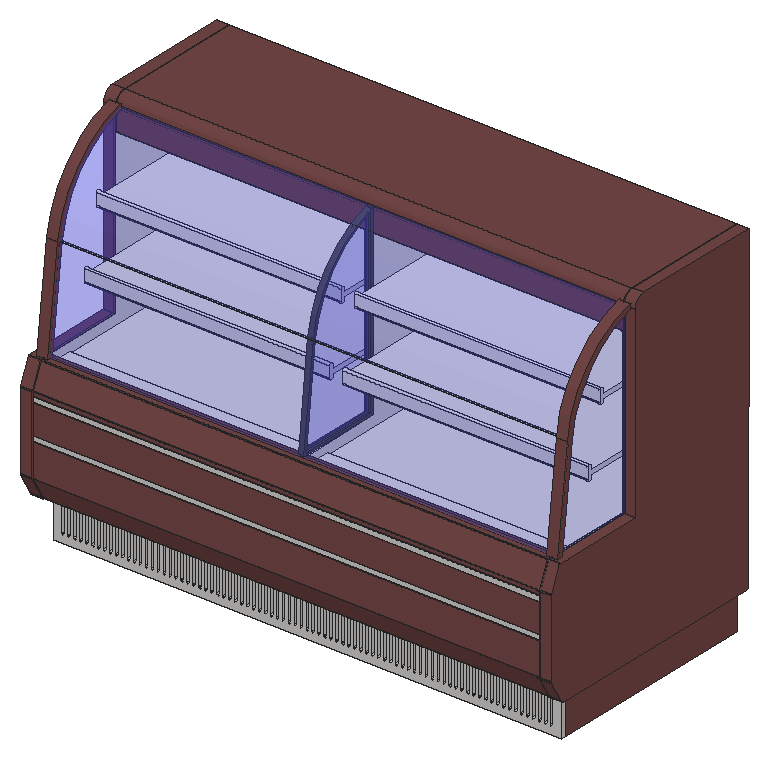
Revit family "QF_Turbo Air_TCGB-72-CO", category Specialty Equipment, Revit 2014
Parameters
  Weight in Pounds = 744
  Watermarked By = ""
  Volts = 115 V
  Vent Material = QF_Stainless-Polished
  URL Cutsheet = ""
  URL = "www.turboairinc.com"
  Status [instance] = ""
  Specification by User [instance] = ""
  Specification by Manufacturer [instance] = ""
  Serial Number [instance] = ""
  Revision Code [instance] = ""
  Phase = 1
  Number of Poles [instance] = 1
  NAFEM Spec ID Number [instance] = ""
  Model = "TCGB-72-CO"
  Masterspec [instance] = ""
  Manufacturer = "Turbo Air"  # constant formula
  Item Number [instance] = "-"
  Installed By [instance] = ""
  HP = "1/3"
  Furnished By [instance] = ""
  Foodservice Equipment Identifier = yes
  FL Amps = 6.5 A
  Exterior Material = QF_Plastic-Red Wine
  Electrical Remarks [instance] = ""
  Electric Connection Type [instance] = ""
  Elec Conn RI Height [instance] = 0' - 0"
  Elec Conn Connection Height = 0' - 6"
  Description = "Bakery Case"
  Cycle = 60 Hz
  Conn Plug = "NEMA 5-15P"
  CSI MasterFormat = "11 41 13"
  Assembly Code = "E1090320"
  Apparent Power = if(Phase = 3, Volts * FL Amps * 1.73, Volts * FL Amps)  # 747.5 VA
Reference planes (in)
  plane 1 "Handle Back": y = 0
  plane 2: z = 0
  plane 3 "LEFT": x = -16.56573
  plane 4 "RIGHT": x = 55.93427
  plane 5 "FRONT": y = -34.25
  plane 6 "Bottom": z = 0.3125
  plane 7 "Inside Left": x = -14.94073
  plane 8 "Inside Right": x = 54.30927
  plane 9 "BACK": y = -0.75
  plane 10 "Panel Lower": z = 23.25
  plane 11 "Inside Bottom": z = 21.125
  plane 12 "Panel Bottom": z = 6.0625
  plane 13 "TOP": z = 50.125
  plane 14 "Bottom Front": y = -30
  plane 15 "Door Left": x = -13.62823
  plane 16 "Door Right": x = 52.99677
  plane 17 "Lower Shelf": z = 30.6875
  plane 18 "Upper Shelf": z = 39.1875
  plane 19 "Door Top": z = 46.5625
  plane 20 "Door Bottom": z = 22.3125
  plane 21 "CENTER LR": x = 19.68427
  plane 22: x = 19.05927
  plane 23: x = 20.30927
Forms (in)
  Extrusion 1, solid, material "QF_Plastic-Red Wine" <- "Exterior Material"
    sketch origin (-16.56573, 0, 0) x (0, 1, 0) y (0, 0, 1)
      loop
        arc (-1.125, 6.0625) -> (-0.85983, 6.17233) -> (-0.75, 6.4375) r 0.375
        line (-0.75, 6.4375) -> (-0.75, 50.125) -> (-18.5, 50.125)
        arc (-18.5, 50.125) -> (-19.56066, 49.68566) -> (-20, 48.625) r 1.5
        line (-20, 48.625) -> (-20, 23.25) -> (-32.77179, 23.25)
        arc (-32.77179, 23.25) -> (-32.8059, 23.23987) -> (-32.82896, 23.21277) r 0.0625
        line (-32.82896, 23.21277) -> (-34.21799, 20.07001)
        arc (-34.21799, 20.07001) -> (-34.24191, 19.99589) -> (-34.25, 19.91842) r 0.375
        line (-34.25, 19.91842) -> (-34.25, 9.41058)
        arc (-34.25, 9.41058) -> (-34.23722, 9.31352) -> (-34.19976, 9.22308) r 0.375
        line (-34.19976, 9.22308) -> (-32.48325, 6.25)
        arc (-32.48325, 6.25) -> (-32.34599, 6.11274) -> (-32.15849, 6.0625) r 0.375
        line (-32.15849, 6.0625) -> (-1.125, 6.0625)
    from 0 to 1.625
  Extrusion 2, solid, material "QF_Plastic-Red Wine" <- "Exterior Material"
    sketch origin (55.93427, 0, 0) x (0, 1, 0) y (0, 0, 1)
      loop
        arc (-1.125, 6.0625) -> (-0.85983, 6.17233) -> (-0.75, 6.4375) r 0.375
        line (-0.75, 6.4375) -> (-0.75, 50.125) -> (-18.5, 50.125)
        arc (-18.5, 50.125) -> (-19.56066, 49.68566) -> (-20, 48.625) r 1.5
        line (-20, 48.625) -> (-20, 23.25) -> (-32.77179, 23.25)
        arc (-32.77179, 23.25) -> (-32.8059, 23.23987) -> (-32.82896, 23.21277) r 0.0625
        line (-32.82896, 23.21277) -> (-34.21799, 20.07001)
        arc (-34.21799, 20.07001) -> (-34.24191, 19.99589) -> (-34.25, 19.91842) r 0.375
        line (-34.25, 19.91842) -> (-34.25, 9.41058)
        arc (-34.25, 9.41058) -> (-34.23722, 9.31352) -> (-34.19976, 9.22308) r 0.375
        line (-34.19976, 9.22308) -> (-32.48325, 6.25)
        arc (-32.48325, 6.25) -> (-32.34599, 6.11274) -> (-32.15849, 6.0625) r 0.375
        line (-32.15849, 6.0625) -> (-1.125, 6.0625)
    from 0 to -1.625
  Extrusion 3, solid, material "QF_Plastic-Red Wine" <- "Exterior Material"
    sketch origin (-14.94073, 0, 0) x (0, 1, 0) y (0, 0, 1)
      loop
        line (-31.625, 23.25) -> (-29.95691, 36.83548)
        arc (-29.95691, 36.83548) -> (-26.72363, 44.11107) -> (-20, 48.375) r 13.75
        line (-20, 48.375) -> (-20, 48.625)
        arc (-20, 48.625) -> (-19.97988, 48.86988) -> (-19.92004, 49.10819) r 1.5
        arc (-19.92004, 49.10819) -> (-27.15455, 44.66306) -> (-30.63919, 36.92003) r 14.4375
        line (-30.63919, 36.92003) -> (-32.31766, 23.25) -> (-31.625, 23.25)
    from -0.875 to 0.625
  Extrusion 4, solid, material "QF_Plastic-Red Wine" <- "Exterior Material"
    sketch origin (54.30927, 0, 0) x (0, 1, 0) y (0, 0, 1)
      loop
        line (-31.625, 23.25) -> (-29.95691, 36.83548)
        arc (-29.95691, 36.83548) -> (-26.72363, 44.11107) -> (-20, 48.375) r 13.75
        line (-20, 48.375) -> (-20, 48.625)
        arc (-20, 48.625) -> (-19.97988, 48.86988) -> (-19.92004, 49.10819) r 1.5
        arc (-19.92004, 49.10819) -> (-27.15455, 44.66306) -> (-30.63919, 36.92003) r 14.4375
        line (-30.63919, 36.92003) -> (-32.31766, 23.25) -> (-31.625, 23.25)
    from 0.875 to -0.625
  Extrusion 5, solid, material "QF_Glass-Cast-Clear"
    sketch origin (-14.94073, 0, 0) x (0, 1, 0) y (0, 0, 1)
      loop
        arc (-20, 48.375) -> (-26.72363, 44.11107) -> (-29.95691, 36.83548) r 13.75
        line (-29.95691, 36.83548) -> (-31.625, 23.25) -> (-20, 23.25) -> (-20, 48.375)
    from 0 to -0.25
  Extrusion 6, solid, material "QF_Glass-Cast-Clear"
    sketch origin (54.30927, 0, 0) x (0, 1, 0) y (0, 0, 1)
      loop
        arc (-20, 48.375) -> (-26.72363, 44.11107) -> (-29.95691, 36.83548) r 13.75
        line (-29.95691, 36.83548) -> (-31.625, 23.25) -> (-20, 23.25) -> (-20, 48.375)
    from 0 to 0.25
  Extrusion 7, solid, material "QF_Plastic-Red Wine" <- "Exterior Material"
    sketch origin (-14.94073, 0, 0) x (0, 1, 0) y (0, 0, 1)
      loop
        line (-0.75, 50.125) -> (-18.5, 50.125)
        arc (-18.5, 50.125) -> (-19.56066, 49.68566) -> (-20, 48.625) r 1.5
        line (-20, 48.625) -> (-20, 45.5)
        arc (-20, 45.5) -> (-19.9375, 45.4375) -> (-19.875, 45.5) r 0.0625
        line (-19.875, 45.5) -> (-19.875, 48.625)
        arc (-19.875, 48.625) -> (-19.81819, 49.01616) -> (-19.65244, 49.375) r 1.375
        line (-19.65244, 49.375) -> (-3.125, 49.375) -> (-3.125, 46.5625) -> (-0.75, 46.5625) -> (-0.75, 50.125)
      loop
        line (-0.75, 14.3125) -> (-0.75, 22.3125) -> (-3.125, 22.3125) -> (-3.125, 14.3125) -> (-0.75, 14.3125)
    from 0 to 69.25
  Extrusion 8, solid, material "QF_Plastic-Red Wine" <- "Exterior Material"
    sketch origin (0, 0, 0.3125) x (0, 1, 0) y (-1, 0, 0)
      loop
        line (-0.75, 14.94073) -> (-30, 14.94073) -> (-30, -54.30927) -> (-0.75, -54.30927) -> (-0.75, 14.94073)
      loop
        line (-29.75, 14.69073) -> (-29.75, -54.05927) -> (-1, -54.05927) -> (-1, 14.69073) -> (-29.75, 14.69073)
    from 0 to 14
  Extrusion 9, solid, material "QF_Plastic-Red Wine" <- "Exterior Material"
    sketch origin (0, 0, 0.3125) x (0, 1, 0) y (-1, 0, 0)
      loop
        line (-29.75, -54.05927) -> (-1, -54.05927) -> (-1, 14.69073) -> (-29.75, 14.69073) -> (-29.75, -54.05927)
    from 0 to 0.25
  Extrusion 10, solid, material "QF_Stainless-Polished" <- "Vent Material"
    sketch origin (0, -30, 0) x (1, 0, 0) y (0, 0, 1)
      loop
        line (-14.94073, 6.1875) -> (-14.94073, 0.3125) -> (54.30927, 0.3125) -> (54.30927, 6.1875) -> (-14.94073, 6.1875)
    from 0 to 0.5625
  Extrusion 11, void
    sketch origin (0, -30, 0) x (1, 0, 0) y (0, 0, 1)
      loop
        arc (19.49677, 1.5625) -> (19.68427, 1.375) -> (19.87177, 1.5625) r 0.1875
        line (19.87177, 1.5625) -> (19.87177, 5.125)
        arc (19.87177, 5.125) -> (19.68427, 5.3125) -> (19.49677, 5.125) r 0.1875
        line (19.49677, 5.125) -> (19.49677, 1.5625)
      loop
        line (34.49677, 1.5625) -> (34.49677, 5.125)
        arc (34.49677, 5.125) -> (34.30927, 5.3125) -> (34.12177, 5.125) r 0.1875
        line (34.12177, 5.125) -> (34.12177, 1.5625)
        arc (34.12177, 1.5625) -> (34.30927, 1.375) -> (34.49677, 1.5625) r 0.1875
      loop
        line (33.68427, 1.5625) -> (33.68427, 5.125)
        arc (33.68427, 5.125) -> (33.49677, 5.3125) -> (33.30927, 5.125) r 0.1875
        line (33.30927, 5.125) -> (33.30927, 1.5625)
        arc (33.30927, 1.5625) -> (33.49677, 1.375) -> (33.68427, 1.5625) r 0.1875
      loop
        line (32.87177, 1.5625) -> (32.87177, 5.125)
        arc (32.87177, 5.125) -> (32.68427, 5.3125) -> (32.49677, 5.125) r 0.1875
        line (32.49677, 5.125) -> (32.49677, 1.5625)
        arc (32.49677, 1.5625) -> (32.68427, 1.375) -> (32.87177, 1.5625) r 0.1875
      loop
        line (32.05927, 1.5625) -> (32.05927, 5.125)
        arc (32.05927, 5.125) -> (31.87177, 5.3125) -> (31.68427, 5.125) r 0.1875
        line (31.68427, 5.125) -> (31.68427, 1.5625)
        arc (31.68427, 1.5625) -> (31.87177, 1.375) -> (32.05927, 1.5625) r 0.1875
      loop
        line (31.24677, 1.5625) -> (31.24677, 5.125)
        arc (31.24677, 5.125) -> (31.05927, 5.3125) -> (30.87177, 5.125) r 0.1875
        line (30.87177, 5.125) -> (30.87177, 1.5625)
        arc (30.87177, 1.5625) -> (31.05927, 1.375) -> (31.24677, 1.5625) r 0.1875
      loop
        line (30.43427, 1.5625) -> (30.43427, 5.125)
        arc (30.43427, 5.125) -> (30.24677, 5.3125) -> (30.05927, 5.125) r 0.1875
        line (30.05927, 5.125) -> (30.05927, 1.5625)
        arc (30.05927, 1.5625) -> (30.24677, 1.375) -> (30.43427, 1.5625) r 0.1875
      loop
        line (29.62177, 1.5625) -> (29.62177, 5.125)
        arc (29.62177, 5.125) -> (29.43427, 5.3125) -> (29.24677, 5.125) r 0.1875
        line (29.24677, 5.125) -> (29.24677, 1.5625)
        arc (29.24677, 1.5625) -> (29.43427, 1.375) -> (29.62177, 1.5625) r 0.1875
      loop
        line (28.80927, 1.5625) -> (28.80927, 5.125)
        arc (28.80927, 5.125) -> (28.62177, 5.3125) -> (28.43427, 5.125) r 0.1875
        line (28.43427, 5.125) -> (28.43427, 1.5625)
        arc (28.43427, 1.5625) -> (28.62177, 1.375) -> (28.80927, 1.5625) r 0.1875
      loop
        line (27.99677, 1.5625) -> (27.99677, 5.125)
        arc (27.99677, 5.125) -> (27.80927, 5.3125) -> (27.62177, 5.125) r 0.1875
        line (27.62177, 5.125) -> (27.62177, 1.5625)
        arc (27.62177, 1.5625) -> (27.80927, 1.375) -> (27.99677, 1.5625) r 0.1875
      loop
        line (27.18427, 1.5625) -> (27.18427, 5.125)
        arc (27.18427, 5.125) -> (26.99677, 5.3125) -> (26.80927, 5.125) r 0.1875
        line (26.80927, 5.125) -> (26.80927, 1.5625)
        arc (26.80927, 1.5625) -> (26.99677, 1.375) -> (27.18427, 1.5625) r 0.1875
      loop
        line (26.37177, 1.5625) -> (26.37177, 5.125)
        arc (26.37177, 5.125) -> (26.18427, 5.3125) -> (25.99677, 5.125) r 0.1875
        line (25.99677, 5.125) -> (25.99677, 1.5625)
        arc (25.99677, 1.5625) -> (26.18427, 1.375) -> (26.37177, 1.5625) r 0.1875
      loop
        line (25.55927, 1.5625) -> (25.55927, 5.125)
        arc (25.55927, 5.125) -> (25.37177, 5.3125) -> (25.18427, 5.125) r 0.1875
        line (25.18427, 5.125) -> (25.18427, 1.5625)
        arc (25.18427, 1.5625) -> (25.37177, 1.375) -> (25.55927, 1.5625) r 0.1875
      loop
        line (24.74677, 1.5625) -> (24.74677, 5.125)
        arc (24.74677, 5.125) -> (24.55927, 5.3125) -> (24.37177, 5.125) r 0.1875
        line (24.37177, 5.125) -> (24.37177, 1.5625)
        arc (24.37177, 1.5625) -> (24.55927, 1.375) -> (24.74677, 1.5625) r 0.1875
      loop
        line (23.93427, 1.5625) -> (23.93427, 5.125)
        arc (23.93427, 5.125) -> (23.74677, 5.3125) -> (23.55927, 5.125) r 0.1875
        line (23.55927, 5.125) -> (23.55927, 1.5625)
        arc (23.55927, 1.5625) -> (23.74677, 1.375) -> (23.93427, 1.5625) r 0.1875
      loop
        line (23.12177, 1.5625) -> (23.12177, 5.125)
        arc (23.12177, 5.125) -> (22.93427, 5.3125) -> (22.74677, 5.125) r 0.1875
        line (22.74677, 5.125) -> (22.74677, 1.5625)
        arc (22.74677, 1.5625) -> (22.93427, 1.375) -> (23.12177, 1.5625) r 0.1875
      loop
        line (22.30927, 1.5625) -> (22.30927, 5.125)
        arc (22.30927, 5.125) -> (22.12177, 5.3125) -> (21.93427, 5.125) r 0.1875
        line (21.93427, 5.125) -> (21.93427, 1.5625)
        arc (21.93427, 1.5625) -> (22.12177, 1.375) -> (22.30927, 1.5625) r 0.1875
      loop
        line (21.49677, 1.5625) -> (21.49677, 5.125)
        arc (21.49677, 5.125) -> (21.30927, 5.3125) -> (21.12177, 5.125) r 0.1875
        line (21.12177, 5.125) -> (21.12177, 1.5625)
        arc (21.12177, 1.5625) -> (21.30927, 1.375) -> (21.49677, 1.5625) r 0.1875
      loop
        line (20.68427, 1.5625) -> (20.68427, 5.125)
        arc (20.68427, 5.125) -> (20.49677, 5.3125) -> (20.30927, 5.125) r 0.1875
        line (20.30927, 5.125) -> (20.30927, 1.5625)
        arc (20.30927, 1.5625) -> (20.49677, 1.375) -> (20.68427, 1.5625) r 0.1875
      loop
        line (40.18427, 1.5625) -> (40.18427, 5.125)
        arc (40.18427, 5.125) -> (39.99677, 5.3125) -> (39.80927, 5.125) r 0.1875
        line (39.80927, 5.125) -> (39.80927, 1.5625)
        arc (39.80927, 1.5625) -> (39.99677, 1.375) -> (40.18427, 1.5625) r 0.1875
      loop
        line (39.37177, 1.5625) -> (39.37177, 5.125)
        arc (39.37177, 5.125) -> (39.18427, 5.3125) -> (38.99677, 5.125) r 0.1875
        line (38.99677, 5.125) -> (38.99677, 1.5625)
        arc (38.99677, 1.5625) -> (39.18427, 1.375) -> (39.37177, 1.5625) r 0.1875
      loop
        line (38.55927, 1.5625) -> (38.55927, 5.125)
        arc (38.55927, 5.125) -> (38.37177, 5.3125) -> (38.18427, 5.125) r 0.1875
        line (38.18427, 5.125) -> (38.18427, 1.5625)
        arc (38.18427, 1.5625) -> (38.37177, 1.375) -> (38.55927, 1.5625) r 0.1875
      loop
        line (37.74677, 1.5625) -> (37.74677, 5.125)
        arc (37.74677, 5.125) -> (37.55927, 5.3125) -> (37.37177, 5.125) r 0.1875
        line (37.37177, 5.125) -> (37.37177, 1.5625)
        arc (37.37177, 1.5625) -> (37.55927, 1.375) -> (37.74677, 1.5625) r 0.1875
      loop
        line (36.93427, 1.5625) -> (36.93427, 5.125)
        arc (36.93427, 5.125) -> (36.74677, 5.3125) -> (36.55927, 5.125) r 0.1875
        line (36.55927, 5.125) -> (36.55927, 1.5625)
        arc (36.55927, 1.5625) -> (36.74677, 1.375) -> (36.93427, 1.5625) r 0.1875
      loop
        line (36.12177, 1.5625) -> (36.12177, 5.125)
        arc (36.12177, 5.125) -> (35.93427, 5.3125) -> (35.74677, 5.125) r 0.1875
        line (35.74677, 5.125) -> (35.74677, 1.5625)
        arc (35.74677, 1.5625) -> (35.93427, 1.375) -> (36.12177, 1.5625) r 0.1875
      loop
        line (35.30927, 1.5625) -> (35.30927, 5.125)
        arc (35.30927, 5.125) -> (35.12177, 5.3125) -> (34.93427, 5.125) r 0.1875
        line (34.93427, 5.125) -> (34.93427, 1.5625)
        arc (34.93427, 1.5625) -> (35.12177, 1.375) -> (35.30927, 1.5625) r 0.1875
      loop
        line (41.80927, 1.5625) -> (41.80927, 5.125)
        arc (41.80927, 5.125) -> (41.62177, 5.3125) -> (41.43427, 5.125) r 0.1875
        line (41.43427, 5.125) -> (41.43427, 1.5625)
        arc (41.43427, 1.5625) -> (41.62177, 1.375) -> (41.80927, 1.5625) r 0.1875
      loop
        line (40.99677, 1.5625) -> (40.99677, 5.125)
        arc (40.99677, 5.125) -> (40.80927, 5.3125) -> (40.62177, 5.125) r 0.1875
        line (40.62177, 5.125) -> (40.62177, 1.5625)
        arc (40.62177, 1.5625) -> (40.80927, 1.375) -> (40.99677, 1.5625) r 0.1875
      loop
        line (46.68427, 1.5625) -> (46.68427, 5.125)
        arc (46.68427, 5.125) -> (46.49677, 5.3125) -> (46.30927, 5.125) r 0.1875
        line (46.30927, 5.125) -> (46.30927, 1.5625)
        arc (46.30927, 1.5625) -> (46.49677, 1.375) -> (46.68427, 1.5625) r 0.1875
      loop
        line (45.87177, 1.5625) -> (45.87177, 5.125)
        arc (45.87177, 5.125) -> (45.68427, 5.3125) -> (45.49677, 5.125) r 0.1875
        line (45.49677, 5.125) -> (45.49677, 1.5625)
        arc (45.49677, 1.5625) -> (45.68427, 1.375) -> (45.87177, 1.5625) r 0.1875
      loop
        line (45.05927, 1.5625) -> (45.05927, 5.125)
        arc (45.05927, 5.125) -> (44.87177, 5.3125) -> (44.68427, 5.125) r 0.1875
        line (44.68427, 5.125) -> (44.68427, 1.5625)
        arc (44.68427, 1.5625) -> (44.87177, 1.375) -> (45.05927, 1.5625) r 0.1875
      loop
        line (44.24677, 1.5625) -> (44.24677, 5.125)
        arc (44.24677, 5.125) -> (44.05927, 5.3125) -> (43.87177, 5.125) r 0.1875
        line (43.87177, 5.125) -> (43.87177, 1.5625)
        arc (43.87177, 1.5625) -> (44.05927, 1.375) -> (44.24677, 1.5625) r 0.1875
      loop
        line (43.43427, 1.5625) -> (43.43427, 5.125)
        arc (43.43427, 5.125) -> (43.24677, 5.3125) -> (43.05927, 5.125) r 0.1875
        line (43.05927, 5.125) -> (43.05927, 1.5625)
        arc (43.05927, 1.5625) -> (43.24677, 1.375) -> (43.43427, 1.5625) r 0.1875
      loop
        line (42.62177, 1.5625) -> (42.62177, 5.125)
        arc (42.62177, 5.125) -> (42.43427, 5.3125) -> (42.24677, 5.125) r 0.1875
        line (42.24677, 5.125) -> (42.24677, 1.5625)
        arc (42.24677, 1.5625) -> (42.43427, 1.375) -> (42.62177, 1.5625) r 0.1875
      loop
        line (48.30927, 1.5625) -> (48.30927, 5.125)
        arc (48.30927, 5.125) -> (48.12177, 5.3125) -> (47.93427, 5.125) r 0.1875
        line (47.93427, 5.125) -> (47.93427, 1.5625)
        arc (47.93427, 1.5625) -> (48.12177, 1.375) -> (48.30927, 1.5625) r 0.1875
      loop
        line (47.49677, 1.5625) -> (47.49677, 5.125)
        arc (47.49677, 5.125) -> (47.30927, 5.3125) -> (47.12177, 5.125) r 0.1875
        line (47.12177, 5.125) -> (47.12177, 1.5625)
        arc (47.12177, 1.5625) -> (47.30927, 1.375) -> (47.49677, 1.5625) r 0.1875
      loop
        line (53.18427, 1.5625) -> (53.18427, 5.125)
        arc (53.18427, 5.125) -> (52.99677, 5.3125) -> (52.80927, 5.125) r 0.1875
        line (52.80927, 5.125) -> (52.80927, 1.5625)
        arc (52.80927, 1.5625) -> (52.99677, 1.375) -> (53.18427, 1.5625) r 0.1875
      loop
        line (52.37177, 1.5625) -> (52.37177, 5.125)
        arc (52.37177, 5.125) -> (52.18427, 5.3125) -> (51.99677, 5.125) r 0.1875
        line (51.99677, 5.125) -> (51.99677, 1.5625)
        arc (51.99677, 1.5625) -> (52.18427, 1.375) -> (52.37177, 1.5625) r 0.1875
      loop
        line (51.55927, 1.5625) -> (51.55927, 5.125)
        arc (51.55927, 5.125) -> (51.37177, 5.3125) -> (51.18427, 5.125) r 0.1875
        line (51.18427, 5.125) -> (51.18427, 1.5625)
        arc (51.18427, 1.5625) -> (51.37177, 1.375) -> (51.55927, 1.5625) r 0.1875
      loop
        line (50.74677, 1.5625) -> (50.74677, 5.125)
        arc (50.74677, 5.125) -> (50.55927, 5.3125) -> (50.37177, 5.125) r 0.1875
        line (50.37177, 5.125) -> (50.37177, 1.5625)
        arc (50.37177, 1.5625) -> (50.55927, 1.375) -> (50.74677, 1.5625) r 0.1875
      loop
        line (49.93427, 1.5625) -> (49.93427, 5.125)
        arc (49.93427, 5.125) -> (49.74677, 5.3125) -> (49.55927, 5.125) r 0.1875
        line (49.55927, 5.125) -> (49.55927, 1.5625)
        arc (49.55927, 1.5625) -> (49.74677, 1.375) -> (49.93427, 1.5625) r 0.1875
      loop
        line (49.12177, 1.5625) -> (49.12177, 5.125)
        arc (49.12177, 5.125) -> (48.93427, 5.3125) -> (48.74677, 5.125) r 0.1875
        line (48.74677, 5.125) -> (48.74677, 1.5625)
        arc (48.74677, 1.5625) -> (48.93427, 1.375) -> (49.12177, 1.5625) r 0.1875
      loop
        arc (4.87177, 1.5625) -> (5.05927, 1.375) -> (5.24677, 1.5625) r 0.1875
        line (5.24677, 1.5625) -> (5.24677, 5.125)
        arc (5.24677, 5.125) -> (5.05927, 5.3125) -> (4.87177, 5.125) r 0.1875
        line (4.87177, 5.125) -> (4.87177, 1.5625)
      loop
        arc (5.68427, 1.5625) -> (5.87177, 1.375) -> (6.05927, 1.5625) r 0.1875
        line (6.05927, 1.5625) -> (6.05927, 5.125)
        arc (6.05927, 5.125) -> (5.87177, 5.3125) -> (5.68427, 5.125) r 0.1875
        line (5.68427, 5.125) -> (5.68427, 1.5625)
      loop
        arc (6.49677, 1.5625) -> (6.68427, 1.375) -> (6.87177, 1.5625) r 0.1875
        line (6.87177, 1.5625) -> (6.87177, 5.125)
        arc (6.87177, 5.125) -> (6.68427, 5.3125) -> (6.49677, 5.125) r 0.1875
        line (6.49677, 5.125) -> (6.49677, 1.5625)
      loop
        arc (7.30927, 1.5625) -> (7.49677, 1.375) -> (7.68427, 1.5625) r 0.1875
        line (7.68427, 1.5625) -> (7.68427, 5.125)
        arc (7.68427, 5.125) -> (7.49677, 5.3125) -> (7.30927, 5.125) r 0.1875
        line (7.30927, 5.125) -> (7.30927, 1.5625)
      loop
        arc (8.12177, 1.5625) -> (8.30927, 1.375) -> (8.49677, 1.5625) r 0.1875
        line (8.49677, 1.5625) -> (8.49677, 5.125)
        arc (8.49677, 5.125) -> (8.30927, 5.3125) -> (8.12177, 5.125) r 0.1875
        line (8.12177, 5.125) -> (8.12177, 1.5625)
      loop
        arc (8.93427, 1.5625) -> (9.12177, 1.375) -> (9.30927, 1.5625) r 0.1875
        line (9.30927, 1.5625) -> (9.30927, 5.125)
        arc (9.30927, 5.125) -> (9.12177, 5.3125) -> (8.93427, 5.125) r 0.1875
        line (8.93427, 5.125) -> (8.93427, 1.5625)
      loop
        arc (9.74677, 1.5625) -> (9.93427, 1.375) -> (10.12177, 1.5625) r 0.1875
        line (10.12177, 1.5625) -> (10.12177, 5.125)
        arc (10.12177, 5.125) -> (9.93427, 5.3125) -> (9.74677, 5.125) r 0.1875
        line (9.74677, 5.125) -> (9.74677, 1.5625)
      loop
        arc (10.55927, 1.5625) -> (10.74677, 1.375) -> (10.93427, 1.5625) r 0.1875
        line (10.93427, 1.5625) -> (10.93427, 5.125)
        arc (10.93427, 5.125) -> (10.74677, 5.3125) -> (10.55927, 5.125) r 0.1875
        line (10.55927, 5.125) -> (10.55927, 1.5625)
      loop
        arc (11.37177, 1.5625) -> (11.55927, 1.375) -> (11.74677, 1.5625) r 0.1875
        line (11.74677, 1.5625) -> (11.74677, 5.125)
        arc (11.74677, 5.125) -> (11.55927, 5.3125) -> (11.37177, 5.125) r 0.1875
        line (11.37177, 5.125) -> (11.37177, 1.5625)
      loop
        arc (12.18427, 1.5625) -> (12.37177, 1.375) -> (12.55927, 1.5625) r 0.1875
        line (12.55927, 1.5625) -> (12.55927, 5.125)
        arc (12.55927, 5.125) -> (12.37177, 5.3125) -> (12.18427, 5.125) r 0.1875
        line (12.18427, 5.125) -> (12.18427, 1.5625)
      loop
        arc (12.99677, 1.5625) -> (13.18427, 1.375) -> (13.37177, 1.5625) r 0.1875
        line (13.37177, 1.5625) -> (13.37177, 5.125)
        arc (13.37177, 5.125) -> (13.18427, 5.3125) -> (12.99677, 5.125) r 0.1875
        line (12.99677, 5.125) -> (12.99677, 1.5625)
      loop
        arc (13.80927, 1.5625) -> (13.99677, 1.375) -> (14.18427, 1.5625) r 0.1875
        line (14.18427, 1.5625) -> (14.18427, 5.125)
        arc (14.18427, 5.125) -> (13.99677, 5.3125) -> (13.80927, 5.125) r 0.1875
        line (13.80927, 5.125) -> (13.80927, 1.5625)
      loop
        arc (14.62177, 1.5625) -> (14.80927, 1.375) -> (14.99677, 1.5625) r 0.1875
        line (14.99677, 1.5625) -> (14.99677, 5.125)
        arc (14.99677, 5.125) -> (14.80927, 5.3125) -> (14.62177, 5.125) r 0.1875
        line (14.62177, 5.125) -> (14.62177, 1.5625)
      loop
        arc (15.43427, 1.5625) -> (15.62177, 1.375) -> (15.80927, 1.5625) r 0.1875
        line (15.80927, 1.5625) -> (15.80927, 5.125)
        arc (15.80927, 5.125) -> (15.62177, 5.3125) -> (15.43427, 5.125) r 0.1875
        line (15.43427, 5.125) -> (15.43427, 1.5625)
      loop
        arc (16.24677, 1.5625) -> (16.43427, 1.375) -> (16.62177, 1.5625) r 0.1875
        line (16.62177, 1.5625) -> (16.62177, 5.125)
        arc (16.62177, 5.125) -> (16.43427, 5.3125) -> (16.24677, 5.125) r 0.1875
        line (16.24677, 5.125) -> (16.24677, 1.5625)
      loop
        arc (17.05927, 1.5625) -> (17.24677, 1.375) -> (17.43427, 1.5625) r 0.1875
        line (17.43427, 1.5625) -> (17.43427, 5.125)
        arc (17.43427, 5.125) -> (17.24677, 5.3125) -> (17.05927, 5.125) r 0.1875
        line (17.05927, 5.125) -> (17.05927, 1.5625)
      loop
        arc (17.87177, 1.5625) -> (18.05927, 1.375) -> (18.24677, 1.5625) r 0.1875
        line (18.24677, 1.5625) -> (18.24677, 5.125)
        arc (18.24677, 5.125) -> (18.05927, 5.3125) -> (17.87177, 5.125) r 0.1875
        line (17.87177, 5.125) -> (17.87177, 1.5625)
      loop
        arc (18.68427, 1.5625) -> (18.87177, 1.375) -> (19.05927, 1.5625) r 0.1875
        line (19.05927, 1.5625) -> (19.05927, 5.125)
        arc (19.05927, 5.125) -> (18.87177, 5.3125) -> (18.68427, 5.125) r 0.1875
        line (18.68427, 5.125) -> (18.68427, 1.5625)
      loop
        arc (-0.81573, 1.5625) -> (-0.62823, 1.375) -> (-0.44073, 1.5625) r 0.1875
        line (-0.44073, 1.5625) -> (-0.44073, 5.125)
        arc (-0.44073, 5.125) -> (-0.62823, 5.3125) -> (-0.81573, 5.125) r 0.1875
        line (-0.81573, 5.125) -> (-0.81573, 1.5625)
      loop
        arc (-0.00323, 1.5625) -> (0.18427, 1.375) -> (0.37177, 1.5625) r 0.1875
        line (0.37177, 1.5625) -> (0.37177, 5.125)
        arc (0.37177, 5.125) -> (0.18427, 5.3125) -> (-0.00323, 5.125) r 0.1875
        line (-0.00323, 5.125) -> (-0.00323, 1.5625)
      loop
        arc (0.80927, 1.5625) -> (0.99677, 1.375) -> (1.18427, 1.5625) r 0.1875
        line (1.18427, 1.5625) -> (1.18427, 5.125)
        arc (1.18427, 5.125) -> (0.99677, 5.3125) -> (0.80927, 5.125) r 0.1875
        line (0.80927, 5.125) -> (0.80927, 1.5625)
      loop
        arc (1.62177, 1.5625) -> (1.80927, 1.375) -> (1.99677, 1.5625) r 0.1875
        line (1.99677, 1.5625) -> (1.99677, 5.125)
        arc (1.99677, 5.125) -> (1.80927, 5.3125) -> (1.62177, 5.125) r 0.1875
        line (1.62177, 5.125) -> (1.62177, 1.5625)
      loop
        arc (2.43427, 1.5625) -> (2.62177, 1.375) -> (2.80927, 1.5625) r 0.1875
        line (2.80927, 1.5625) -> (2.80927, 5.125)
        arc (2.80927, 5.125) -> (2.62177, 5.3125) -> (2.43427, 5.125) r 0.1875
        line (2.43427, 5.125) -> (2.43427, 1.5625)
      loop
        arc (3.24677, 1.5625) -> (3.43427, 1.375) -> (3.62177, 1.5625) r 0.1875
        line (3.62177, 1.5625) -> (3.62177, 5.125)
        arc (3.62177, 5.125) -> (3.43427, 5.3125) -> (3.24677, 5.125) r 0.1875
        line (3.24677, 5.125) -> (3.24677, 1.5625)
      loop
        arc (4.05927, 1.5625) -> (4.24677, 1.375) -> (4.43427, 1.5625) r 0.1875
        line (4.43427, 1.5625) -> (4.43427, 5.125)
        arc (4.43427, 5.125) -> (4.24677, 5.3125) -> (4.05927, 5.125) r 0.1875
        line (4.05927, 5.125) -> (4.05927, 1.5625)
      loop
        arc (-2.44073, 1.5625) -> (-2.25323, 1.375) -> (-2.06573, 1.5625) r 0.1875
        line (-2.06573, 1.5625) -> (-2.06573, 5.125)
        arc (-2.06573, 5.125) -> (-2.25323, 5.3125) -> (-2.44073, 5.125) r 0.1875
        line (-2.44073, 5.125) -> (-2.44073, 1.5625)
      loop
        arc (-1.62823, 1.5625) -> (-1.44073, 1.375) -> (-1.25323, 1.5625) r 0.1875
        line (-1.25323, 1.5625) -> (-1.25323, 5.125)
        arc (-1.25323, 5.125) -> (-1.44073, 5.3125) -> (-1.62823, 5.125) r 0.1875
        line (-1.62823, 5.125) -> (-1.62823, 1.5625)
      loop
        arc (-7.31573, 1.5625) -> (-7.12823, 1.375) -> (-6.94073, 1.5625) r 0.1875
        line (-6.94073, 1.5625) -> (-6.94073, 5.125)
        arc (-6.94073, 5.125) -> (-7.12823, 5.3125) -> (-7.31573, 5.125) r 0.1875
        line (-7.31573, 5.125) -> (-7.31573, 1.5625)
      loop
        arc (-6.50323, 1.5625) -> (-6.31573, 1.375) -> (-6.12823, 1.5625) r 0.1875
        line (-6.12823, 1.5625) -> (-6.12823, 5.125)
        arc (-6.12823, 5.125) -> (-6.31573, 5.3125) -> (-6.50323, 5.125) r 0.1875
        line (-6.50323, 5.125) -> (-6.50323, 1.5625)
      loop
        arc (-5.69073, 1.5625) -> (-5.50323, 1.375) -> (-5.31573, 1.5625) r 0.1875
        line (-5.31573, 1.5625) -> (-5.31573, 5.125)
        arc (-5.31573, 5.125) -> (-5.50323, 5.3125) -> (-5.69073, 5.125) r 0.1875
        line (-5.69073, 5.125) -> (-5.69073, 1.5625)
      loop
        arc (-4.87823, 1.5625) -> (-4.69073, 1.375) -> (-4.50323, 1.5625) r 0.1875
        line (-4.50323, 1.5625) -> (-4.50323, 5.125)
        arc (-4.50323, 5.125) -> (-4.69073, 5.3125) -> (-4.87823, 5.125) r 0.1875
        line (-4.87823, 5.125) -> (-4.87823, 1.5625)
      loop
        arc (-4.06573, 1.5625) -> (-3.87823, 1.375) -> (-3.69073, 1.5625) r 0.1875
        line (-3.69073, 1.5625) -> (-3.69073, 5.125)
        arc (-3.69073, 5.125) -> (-3.87823, 5.3125) -> (-4.06573, 5.125) r 0.1875
        line (-4.06573, 5.125) -> (-4.06573, 1.5625)
      loop
        arc (-3.25323, 1.5625) -> (-3.06573, 1.375) -> (-2.87823, 1.5625) r 0.1875
        line (-2.87823, 1.5625) -> (-2.87823, 5.125)
        arc (-2.87823, 5.125) -> (-3.06573, 5.3125) -> (-3.25323, 5.125) r 0.1875
        line (-3.25323, 5.125) -> (-3.25323, 1.5625)
      loop
        arc (-8.94073, 1.5625) -> (-8.75323, 1.375) -> (-8.56573, 1.5625) r 0.1875
        line (-8.56573, 1.5625) -> (-8.56573, 5.125)
        arc (-8.56573, 5.125) -> (-8.75323, 5.3125) -> (-8.94073, 5.125) r 0.1875
        line (-8.94073, 5.125) -> (-8.94073, 1.5625)
      loop
        arc (-8.12823, 1.5625) -> (-7.94073, 1.375) -> (-7.75323, 1.5625) r 0.1875
        line (-7.75323, 1.5625) -> (-7.75323, 5.125)
        arc (-7.75323, 5.125) -> (-7.94073, 5.3125) -> (-8.12823, 5.125) r 0.1875
        line (-8.12823, 5.125) -> (-8.12823, 1.5625)
      loop
        arc (-13.81573, 1.5625) -> (-13.62823, 1.375) -> (-13.44073, 1.5625) r 0.1875
        line (-13.44073, 1.5625) -> (-13.44073, 5.125)
        arc (-13.44073, 5.125) -> (-13.62823, 5.3125) -> (-13.81573, 5.125) r 0.1875
        line (-13.81573, 5.125) -> (-13.81573, 1.5625)
      loop
        arc (-13.00323, 1.5625) -> (-12.81573, 1.375) -> (-12.62823, 1.5625) r 0.1875
        line (-12.62823, 1.5625) -> (-12.62823, 5.125)
        arc (-12.62823, 5.125) -> (-12.81573, 5.3125) -> (-13.00323, 5.125) r 0.1875
        line (-13.00323, 5.125) -> (-13.00323, 1.5625)
      loop
        arc (-12.19073, 1.5625) -> (-12.00323, 1.375) -> (-11.81573, 1.5625) r 0.1875
        line (-11.81573, 1.5625) -> (-11.81573, 5.125)
        arc (-11.81573, 5.125) -> (-12.00323, 5.3125) -> (-12.19073, 5.125) r 0.1875
        line (-12.19073, 5.125) -> (-12.19073, 1.5625)
      loop
        arc (-11.37823, 1.5625) -> (-11.19073, 1.375) -> (-11.00323, 1.5625) r 0.1875
        line (-11.00323, 1.5625) -> (-11.00323, 5.125)
        arc (-11.00323, 5.125) -> (-11.19073, 5.3125) -> (-11.37823, 5.125) r 0.1875
        line (-11.37823, 5.125) -> (-11.37823, 1.5625)
      loop
        arc (-10.56573, 1.5625) -> (-10.37823, 1.375) -> (-10.19073, 1.5625) r 0.1875
        line (-10.19073, 1.5625) -> (-10.19073, 5.125)
        arc (-10.19073, 5.125) -> (-10.37823, 5.3125) -> (-10.56573, 5.125) r 0.1875
        line (-10.56573, 5.125) -> (-10.56573, 1.5625)
      loop
        arc (-9.75323, 1.5625) -> (-9.56573, 1.375) -> (-9.37823, 1.5625) r 0.1875
        line (-9.37823, 1.5625) -> (-9.37823, 5.125)
        arc (-9.37823, 5.125) -> (-9.56573, 5.3125) -> (-9.75323, 5.125) r 0.1875
        line (-9.75323, 5.125) -> (-9.75323, 1.5625)
    from -0.25 to 0.5625
  Extrusion 12, solid, material "QF_Plastic-Red Wine" <- "Exterior Material"
    sketch origin (-14.94073, 0, 0) x (0, 1, 0) y (0, 0, 1)
      loop
        line (-0.75, 46.5625) -> (-3.125, 46.5625) -> (-3.125, 22.3125) -> (-0.75, 22.3125) -> (-0.75, 46.5625)
    from 0 to 1.3125
  Extrusion 13, solid, material "QF_Plastic-Red Wine" <- "Exterior Material"
    sketch origin (54.30927, 0, 0) x (0, 1, 0) y (0, 0, 1)
      loop
        line (-0.75, 46.5625) -> (-3.125, 46.5625) -> (-3.125, 22.3125) -> (-0.75, 22.3125) -> (-0.75, 46.5625)
    from 0 to -1.3125
  Extrusion 14, solid, material "QF_Glass-Cast-Clear"
    sketch origin (-14.94073, 0, 0) x (0, 1, 0) y (0, 0, 1)
      loop
        arc (-30.01894, 36.84316) -> (-26.76529, 44.15845) -> (-20, 48.43986) r 13.8125
        line (-20, 48.43986) -> (-20, 48.625)
        arc (-20, 48.625) -> (-19.99639, 48.72898) -> (-19.98558, 48.83246) r 1.5
        arc (-19.98558, 48.83246) -> (-27.01031, 44.44827) -> (-30.39109, 36.88929) r 14.1875
        line (-30.39109, 36.88929) -> (-32.06579, 23.25) -> (-31.68797, 23.25) -> (-30.01894, 36.84316)
    from 0.625 to 68.625
  Extrusion 15, solid, material "QF_Plastic-Red Wine" <- "Exterior Material"
    sketch origin (-14.94073, 0, 0) x (0, 1, 0) y (0, 0, 1)
      loop
        line (-32.77708, 23.17553) -> (-34.17683, 20.00854)
        arc (-34.17683, 20.00854) -> (-34.1848, 19.98383) -> (-34.1875, 19.95801) r 0.125
        line (-34.1875, 19.95801) -> (-34.1875, 19.4219) -> (-33.8125, 19.4219) -> (-33.8125, 19.90522) -> (-32.49992, 22.875) -> (-31.20917, 22.875) -> (-31.20917, 23.25) -> (-32.66275, 23.25)
        arc (-32.66275, 23.25) -> (-32.73097, 23.22974) -> (-32.77708, 23.17553) r 0.125
      loop
        line (-34.17075, 9.29784) -> (-32.41108, 6.25)
        arc (-32.41108, 6.25) -> (-32.36533, 6.20425) -> (-32.30283, 6.1875) r 0.125
        line (-32.30283, 6.1875) -> (-30, 6.1875) -> (-30, 6.5625) -> (-32.15849, 6.5625) -> (-33.8125, 9.42732) -> (-33.8125, 13.8594) -> (-34.1875, 13.8594) -> (-34.1875, 9.36034)
        arc (-34.1875, 9.36034) -> (-34.18324, 9.32798) -> (-34.17075, 9.29784) r 0.125
      loop
        line (-34.1875, 18.6094) -> (-34.1875, 14.6094) -> (-33.8125, 14.6094) -> (-33.8125, 18.6094) -> (-34.1875, 18.6094)
    from 0 to 69.25
  Extrusion 16, solid, material "QF_Stainless-Polished"
    sketch origin (-14.94073, 0, 0) x (0, 1, 0) y (0, 0, 1)
      loop
        line (-34.1875, 19.3594) -> (-34.1875, 18.6719) -> (-33.8125, 18.6719) -> (-33.8125, 19.3594) -> (-34.1875, 19.3594)
      loop
        line (-34.1875, 14.5469) -> (-34.1875, 13.9219) -> (-33.8125, 13.9219) -> (-33.8125, 14.5469) -> (-34.1875, 14.5469)
    from 0 to 69.25
  Extrusion 17, solid, material "QF_Plastic-Opaque-White"
    sketch origin (-14.94073, 0, 0) x (0, 1, 0) y (0, 0, 1)
      loop
        line (-3.125, 21.125) -> (-28.125, 21.125) -> (-28.125, 22.25) -> (-31.20917, 22.25) -> (-31.20917, 22.875) -> (-32.49992, 22.875) -> (-33.8125, 19.90522) -> (-33.8125, 9.42732) -> (-32.15849, 6.5625) -> (-30, 6.5625) -> (-30, 14.3125) -> (-3.125, 14.3125) -> (-3.125, 21.125)
    from 0 to 69.25
  Extrusion 18, solid, material "QF_Plastic-Opaque-White"
    sketch origin (-14.94073, 0, 0) x (0, 1, 0) y (0, 0, 1)
      loop
        line (-3.125, 21.125) -> (-3.125, 49.375) -> (-5.875, 49.375) -> (-5.875, 21.125) -> (-3.125, 21.125)
    from 0 to 1.3125
  Extrusion 19, solid, material "QF_Plastic-Opaque-White"
    sketch origin (54.30927, 0, 0) x (0, 1, 0) y (0, 0, 1)
      loop
        line (-3.125, 21.125) -> (-3.125, 49.375) -> (-5.875, 49.375) -> (-5.875, 21.125) -> (-3.125, 21.125)
    from 0 to -1.3125
  Extrusion 20, solid, material "QF_Plastic-Opaque-White"
    sketch origin (-13.62823, 0, 0) x (0, 1, 0) y (0, 0, 1)
      loop
        line (-5.875, 49.375) -> (-5.875, 46.5625) -> (-3.125, 46.5625) -> (-3.125, 49.375) -> (-5.875, 49.375)
      loop
        line (-5.875, 21.125) -> (-3.125, 21.125) -> (-3.125, 22.3125) -> (-5.875, 22.3125) -> (-5.875, 21.125)
    from 0 to 66.625
  Extrusion 21, solid, material "QF_Plastic-Opaque-White"
    sketch origin (-14.94073, 0, 0) x (0, 1, 0) y (0, 0, 1)
      loop
        line (-5.875, 49.375) -> (-19.65244, 49.375)
        arc (-19.65244, 49.375) -> (-19.81819, 49.01616) -> (-19.875, 48.625) r 1.375
        line (-19.875, 48.625) -> (-19.875, 48.375) -> (-18.375, 48.375) -> (-18.375, 47.375) -> (-5.875, 47.375) -> (-5.875, 49.375)
    from 0 to 69.25
  Extrusion 22, solid, material "QF_Plastic-Opaque-White"
    sketch origin (-14.94073, 0, 0) x (0, 1, 0) y (0, 0, 1)
      loop
        line (-20, 45.5) -> (-20, 23.25) -> (-31.20917, 23.25) -> (-31.20917, 22.25) -> (-28.125, 22.25) -> (-28.125, 21.125) -> (-28.0625, 21.125) -> (-28.0625, 21.9375) -> (-7.5, 21.9375) -> (-7.5, 21.125) -> (-7.4375, 21.125) -> (-7.4375, 21.9375) -> (-5.9375, 21.9375) -> (-5.9375, 21.125) -> (-5.875, 21.125) -> (-5.875, 47.375) -> (-18.375, 47.375) -> (-18.375, 48.375) -> (-19.875, 48.375) -> (-19.875, 45.5)
        arc (-19.875, 45.5) -> (-19.9375, 45.4375) -> (-20, 45.5) r 0.0625
    from 0 to 0.0625
  Extrusion 23, solid, material "QF_Plastic-Opaque-White"
    sketch origin (54.30927, 0, 0) x (0, 1, 0) y (0, 0, 1)
      loop
        line (-20, 45.5) -> (-20, 23.25) -> (-31.20917, 23.25) -> (-31.20917, 22.25) -> (-28.125, 22.25) -> (-28.125, 21.125) -> (-28.0625, 21.125) -> (-28.0625, 21.9375) -> (-7.5, 21.9375) -> (-7.5, 21.125) -> (-7.4375, 21.125) -> (-7.4375, 21.9375) -> (-5.9375, 21.9375) -> (-5.9375, 21.125) -> (-5.875, 21.125) -> (-5.875, 47.375) -> (-18.375, 47.375) -> (-18.375, 48.375) -> (-19.875, 48.375) -> (-19.875, 45.5)
        arc (-19.875, 45.5) -> (-19.9375, 45.4375) -> (-20, 45.5) r 0.0625
    from 0 to -0.0625
  Extrusion 24, solid, material "QF_Plastic-Opaque-White"
    sketch origin (-14.94073, 0, 0) x (0, 1, 0) y (0, 0, 1)
      loop
        line (-5.9375, 21.125) -> (-5.9375, 21.9375) -> (-7.4375, 21.9375) -> (-7.4375, 21.125) -> (-5.9375, 21.125)
      loop
        line (-7.5, 21.9375) -> (-28.0625, 21.9375) -> (-28.0625, 21.125) -> (-7.5, 21.125) -> (-7.5, 21.9375)
    from 0 to 34
  Extrusion 25, solid, material "QF_Plastic-Opaque-White"
    sketch origin (-14.94073, 0, 0) x (0, 1, 0) y (0, 0, 1)
      loop
        line (-5.875, 30.6875) -> (-25.25, 30.6875) -> (-25.25, 31.25)
        arc (-25.25, 31.25) -> (-25.4375, 31.4375) -> (-25.625, 31.25) r 0.1875
        line (-25.625, 31.25) -> (-25.625, 29.6875)
        arc (-25.625, 29.6875) -> (-25.4375, 29.5) -> (-25.25, 29.6875) r 0.1875
        line (-25.25, 29.6875) -> (-25.25, 30.0625) -> (-5.875, 30.0625) -> (-5.875, 30.6875)
      loop
        line (-5.875, 39.1875) -> (-23.25, 39.1875) -> (-23.25, 39.75)
        arc (-23.25, 39.75) -> (-23.4375, 39.9375) -> (-23.625, 39.75) r 0.1875
        line (-23.625, 39.75) -> (-23.625, 38.1875)
        arc (-23.625, 38.1875) -> (-23.4375, 38) -> (-23.25, 38.1875) r 0.1875
        line (-23.25, 38.1875) -> (-23.25, 38.5625) -> (-5.875, 38.5625) -> (-5.875, 39.1875)
    from 0.25 to 33.75
  Extrusion 26, solid, material "QF_Plastic-Black-Fine Textured"
    sketch origin (0, -0.75, 0) x (1, 0, 0) y (0, 0, 1)
      loop
        line (-13.62823, 46.5625) -> (-13.62823, 22.3125) -> (20.18427, 22.3125) -> (20.18427, 46.5625) -> (-13.62823, 46.5625)
      loop
        line (19.18427, 45.5625) -> (-12.62823, 45.5625) -> (-12.62823, 23.3125) -> (19.18427, 23.3125) -> (19.18427, 45.5625)
    from 1.1875 to 2.375
  Extrusion 27, solid, material "QF_Glass-Cast-Clear"
    sketch origin (0, -0.75, 0) x (1, 0, 0) y (0, 0, 1)
      loop
        line (-12.62823, 45.5625) -> (-12.62823, 23.3125) -> (19.18427, 23.3125) -> (19.18427, 45.5625) -> (-12.62823, 45.5625)
    from 1.4375 to 2.125
  Extrusion 28, solid, material "QF_Plastic-Black-Fine Textured"
    sketch origin (0, -0.75, 0) x (1, 0, 0) y (0, 0, 1)
      loop
        line (19.18427, 46.5625) -> (19.18427, 22.3125) -> (52.99677, 22.3125) -> (52.99677, 46.5625) -> (19.18427, 46.5625)
      loop
        line (20.18427, 45.5625) -> (20.18427, 23.3125) -> (51.99677, 23.3125) -> (51.99677, 45.5625) -> (20.18427, 45.5625)
    from 0 to 1.1875
  Extrusion 29, solid, material "QF_Glass-Cast-Clear"
    sketch origin (0, -0.75, 0) x (1, 0, 0) y (0, 0, 1)
      loop
        line (20.18427, 45.5625) -> (20.18427, 23.3125) -> (51.99677, 23.3125) -> (51.99677, 45.5625) -> (20.18427, 45.5625)
    from 0.25 to 0.9375
  Extrusion 30, solid, material "QF_Plastic-Black-Fine Textured"
    sketch origin (52.99677, 0, 0) x (0, 1, 0) y (0, 0, 1)
      loop
        line (0, 29.0625) -> (0, 39.8125) -> (-0.75, 40.3125) -> (-0.75, 28.5625) -> (0, 29.0625)
    from -0.75 to -1
  Extrusion 31, solid, material "QF_Plastic-Black-Fine Textured"
    sketch origin (-13.62823, -1.1875, 0) x (0, 1, 0) y (0, 0, 1)
      loop
        line (0, 29.0625) -> (0, 39.8125) -> (-0.75, 40.3125) -> (-0.75, 28.5625) -> (0, 29.0625)
    from 0.75 to 1
  Extrusion 32, solid, material "QF_Plastic-Black-Fine Textured"
    sketch origin (0, 0, 0) x (1, 0, 0) y (0, 1, 0)
      loop
        circle (-14.00323, -2.625) r 0.5625
      loop
        circle (-14.00323, -28.0625) r 0.5625
      loop
        circle (53.37177, -2.625) r 0.5625
      loop
        circle (53.37177, -28.0625) r 0.5625
    from 0 to 0.3125
  Extrusion 33, solid, material "QF_Plastic-Red Wine" <- "Exterior Material"
    sketch origin (0, -0.75, 0) x (1, 0, 0) y (0, 0, 1)
      loop
        circle (19.68427, 6) r 0.25
    from 0 to -0.0625
  Extrusion 34, solid, material "QF_Plastic-Opaque-White"
    sketch origin (54.30927, 0, 0) x (0, 1, 0) y (0, 0, 1)
      loop
        line (-5.875, 30.6875) -> (-25.25, 30.6875) -> (-25.25, 31.25)
        arc (-25.25, 31.25) -> (-25.4375, 31.4375) -> (-25.625, 31.25) r 0.1875
        line (-25.625, 31.25) -> (-25.625, 29.6875)
        arc (-25.625, 29.6875) -> (-25.4375, 29.5) -> (-25.25, 29.6875) r 0.1875
        line (-25.25, 29.6875) -> (-25.25, 30.0625) -> (-5.875, 30.0625) -> (-5.875, 30.6875)
      loop
        line (-5.875, 39.1875) -> (-23.25, 39.1875) -> (-23.25, 39.75)
        arc (-23.25, 39.75) -> (-23.4375, 39.9375) -> (-23.625, 39.75) r 0.1875
        line (-23.625, 39.75) -> (-23.625, 38.1875)
        arc (-23.625, 38.1875) -> (-23.4375, 38) -> (-23.25, 38.1875) r 0.1875
        line (-23.25, 38.1875) -> (-23.25, 38.5625) -> (-5.875, 38.5625) -> (-5.875, 39.1875)
    from -0.25 to -33.75
  Extrusion 35, solid, material "QF_Plastic-Opaque-White"
    sketch origin (19.68427, 0, 0) x (0, 1, 0) y (0, 0, 1)
      loop
        line (-5.875, 47.375) -> (-18.375, 47.375) -> (-18.375, 48.375) -> (-19.875, 48.375) -> (-19.875, 45.5)
        arc (-19.875, 45.5) -> (-19.9375, 45.4375) -> (-20, 45.5) r 0.0625
        line (-20, 45.5) -> (-20, 23.25) -> (-31.20917, 23.25) -> (-31.20917, 22.25) -> (-28.125, 22.25) -> (-28.125, 21.125) -> (-5.875, 21.125) -> (-5.875, 22.3125) -> (-3.125, 22.3125) -> (-3.125, 46.5625) -> (-5.875, 46.5625) -> (-5.875, 47.375)
    from -0.625 to 0.625
  Extrusion 36, solid, material "QF_Plastic-Opaque-White"
    sketch origin (54.30927, 0, 0) x (0, 1, 0) y (0, 0, 1)
      loop
        line (-5.9375, 21.125) -> (-5.9375, 21.9375) -> (-7.4375, 21.9375) -> (-7.4375, 21.125) -> (-5.9375, 21.125)
      loop
        line (-7.5, 21.9375) -> (-28.0625, 21.9375) -> (-28.0625, 21.125) -> (-7.5, 21.125) -> (-7.5, 21.9375)
    from 0 to -34
  Extrusion 37, solid, material "QF_Plastic-Black-Fine Textured"
    sketch origin (19.68427, 0, 0) x (0, 1, 0) y (0, 0, 1)
      loop
        line (-30.01894, 36.84316) -> (-31.68797, 23.25) -> (-20, 23.25) -> (-20, 48.43986)
        arc (-20, 48.43986) -> (-26.76529, 44.15845) -> (-30.01894, 36.84316) r 13.8125
      loop
        arc (-20.25, 48.10705) -> (-26.68307, 43.86969) -> (-29.77084, 36.81241) r 13.5625
        line (-29.77084, 36.81241) -> (-31.4054, 23.5) -> (-20.25, 23.5) -> (-20.25, 48.10705)
    from -0.375 to 0.375
  Extrusion 38, solid, material "QF_Glass-Cast-Clear"
    sketch origin (19.68427, 0, 0) x (0, 1, 0) y (0, 0, 1)
      loop
        arc (-20.25, 48.10705) -> (-26.68307, 43.86969) -> (-29.77084, 36.81241) r 13.5625
        line (-29.77084, 36.81241) -> (-31.4054, 23.5) -> (-20.25, 23.5) -> (-20.25, 48.10705)
    from -0.125 to 0.125
Cuts and joins
  Extrusion 11 cuts Extrusion 8
  Extrusion 11 cuts Extrusion 10
Lines and regions (in)
  symbolic lines
    curve 1: line (-16.56573, -0.75, 0) -> (55.93427, -0.75, 0)
    curve 2: line (-16.56573, -34.25, 0) -> (-16.56573, -0.75, 0)
    curve 3: line (55.93427, -34.25, 0) -> (-16.56573, -34.25, 0)
    curve 4: line (55.93427, -0.75, 0) -> (55.93427, -34.25, 0)
    curve 5: line (-14.94073, -0.75, 0) -> (-14.94073, -19.92004, 0)
    curve 6: line (-15.81573, -19.92004, 0) -> (-14.31573, -19.92004, 0)
    curve 7: line (-15.81573, -19.92004, 0) -> (-15.81573, -32.31766, 0)
    curve 8: line (-14.31573, -32.31766, 0) -> (-14.31573, -19.92004, 0)
    curve 9: line (-15.81573, -20, 0) -> (-16.56573, -20, 0)
    curve 10: line (-15.81573, -32.31766, 0) -> (-14.31573, -32.31766, 0)
    curve 11: line (-14.94073, -32.31766, 0) -> (-14.94073, -34.25, 0)
    curve 12: line (53.68427, -19.92004, 0) -> (55.18427, -19.92004, 0)
    curve 13: line (53.68427, -19.92004, 0) -> (53.68427, -32.31766, 0)
    curve 14: line (55.18427, -32.31766, 0) -> (55.18427, -19.92004, 0)
    curve 15: line (53.68427, -32.31766, 0) -> (55.18427, -32.31766, 0)
    curve 16: line (54.30927, -32.31766, 0) -> (54.30927, -34.25, 0)
    curve 17: line (54.30927, -19.92004, 0) -> (54.30927, -0.75, 0)
    curve 18: line (51.99677, -0.75, 0) -> (51.99677, 0, 0)
    curve 19: line (51.99677, 0, 0) -> (52.24677, 0, 0)
    curve 20: line (52.24677, 0, 0) -> (52.24677, -0.75, 0)
    curve 21: line (55.18427, -20, 0) -> (55.93427, -20, 0)
    curve 22: line (53.68427, -20, 0) -> (-14.31573, -20, 0)
    curve 23: line (-14.31573, -30.39109, 0) -> (53.68427, -30.39109, 0)
    curve 24: line (53.68427, -32.06579, 0) -> (-14.31573, -32.06579, 0)
    curve 25: line (20.05927, -20, 0) -> (20.05927, -30.39109, 0)
    curve 26: line (19.30927, -20, 0) -> (19.30927, -30.39109, 0)
Dimensions and locks (in)
  locked: plane 3 "LEFT" to plane 4 "RIGHT" at 72.5
  locked: plane 5 "FRONT" to plane 1 "Handle Back" at 34.25
  locked: plane 6 "Bottom" to plane 2 at 0.3125
  locked: plane 3 "LEFT" to plane 7 "Inside Left" at 1.625
  locked: plane 8 "Inside Right" to plane 4 "RIGHT" at 1.625
  locked: plane 9 "BACK" to plane 1 "Handle Back" at 0.75
  locked: plane 10 "Panel Lower" to level at 23.25
  locked: plane 10 "Panel Lower" to plane 11 "Inside Bottom" at 2.125
  locked: plane 12 "Panel Bottom" to plane 6 "Bottom" at 5.75
  locked: plane 13 "TOP" to level at 50.125
  locked: plane 5 "FRONT" to plane 14 "Bottom Front" at 4.25
  locked: plane 7 "Inside Left" to Extrusion 8 sketch curve at 0.25
  locked: Extrusion 8 sketch curve to plane 8 "Inside Right" at 0.25
  locked: Extrusion 8 sketch curve to plane 14 "Bottom Front" at 0.25
  locked: Extrusion 8 sketch curve to plane 9 "BACK" at 0.25
  locked: plane 7 "Inside Left" to plane 15 "Door Left" at 1.3125
  locked: plane 16 "Door Right" to plane 8 "Inside Right" at 1.3125
  locked: Extrusion 10 sketch curve to plane 12 "Panel Bottom" at 0.125
  locked: plane 17 "Lower Shelf" to plane 11 "Inside Bottom" at 9.5625
  locked: plane 18 "Upper Shelf" to plane 17 "Lower Shelf" at 8.5
  locked: plane 13 "TOP" to plane 19 "Door Top" at 3.5625
  locked: plane 19 "Door Top" to plane 20 "Door Bottom" at 24.25
  equal spacing: plane 3 "LEFT", plane 21 "CENTER LR", plane 4 "RIGHT"
  locked: Extrusion 26 sketch curve to plane 15 "Door Left" at 1
  locked: plane 19 "Door Top" to Extrusion 26 sketch curve at 1
  Extrusion 26 sketch curve to plane 21 "CENTER LR" to Extrusion 26 sketch curve = 0' - 0 1/2" locked, 0' - 0 1/2" locked
  locked: Extrusion 26 sketch curve to plane 20 "Door Bottom" at 1
  Extrusion 28 sketch curve to plane 21 "CENTER LR" to Extrusion 28 sketch curve = 0' - 0 1/2" locked, 0' - 0 1/2" locked
  locked: plane 19 "Door Top" to Extrusion 28 sketch curve at 1
  locked: Extrusion 28 sketch curve to plane 20 "Door Bottom" at 1
  locked: Extrusion 28 sketch curve to plane 16 "Door Right" at 1
  locked: plane 7 "Inside Left" to Extrusion 32 sketch curve at 0.9375  (x2)
  locked: Extrusion 32 sketch curve to plane 9 "BACK" at 1.875  (x2)
  locked: plane 14 "Bottom Front" to Extrusion 32 sketch curve at 1.9375  (x2)
  locked: Extrusion 32 sketch curve to plane 8 "Inside Right" at 0.9375  (x2)
  locked: Extrusion 33 sketch curve to level at 6
  equal spacing: plane 8 "Inside Right", Extrusion 33 sketch curve, plane 7 "Inside Left"
  plane 22 to plane 21 "CENTER LR" to plane 23 = 0' - 0 5/8" locked, 0' - 0 5/8" locked
  locked: plane 22 to Extrusion 25 at 0.25
  locked: Extrusion 34 to plane 23 at 0.25
  aligned and locked: level to plane 2
  aligned and locked: plane 7 "Inside Left" to Extrusion 1
  aligned and locked: Extrusion 2 to plane 8 "Inside Right"
  aligned and locked: plane 8 "Inside Right" to Extrusion 7
  aligned and locked: plane 7 "Inside Left" to Extrusion 8 sketch curve
  aligned and locked: Extrusion 8 sketch curve to plane 8 "Inside Right"
  aligned and locked: plane 9 "BACK" to Extrusion 8 sketch curve
  aligned and locked: Extrusion 8 sketch curve to plane 14 "Bottom Front"
  aligned and locked: plane 7 "Inside Left" to Extrusion 10 sketch curve
  aligned and locked: plane 6 "Bottom" to Extrusion 10 sketch curve
  aligned and locked: plane 15 "Door Left" to Extrusion 12
  aligned and locked: Extrusion 13 to plane 16 "Door Right"
  aligned and locked: plane 8 "Inside Right" to Extrusion 15
  aligned and locked: plane 8 "Inside Right" to Extrusion 16
  aligned and locked: plane 8 "Inside Right" to Extrusion 17
  aligned and locked: plane 15 "Door Left" to Extrusion 18
  aligned and locked: Extrusion 19 to plane 16 "Door Right"
  aligned and locked: plane 16 "Door Right" to Extrusion 20
  aligned and locked: plane 8 "Inside Right" to Extrusion 21
  aligned and locked: plane 15 "Door Left" to Extrusion 26 sketch curve
  aligned and locked: Extrusion 26 sketch curve to plane 19 "Door Top"
  aligned and locked: plane 20 "Door Bottom" to Extrusion 26 sketch curve
  aligned and locked: Extrusion 27 sketch curve to Extrusion 26  (x4)
  aligned and locked: Extrusion 28 sketch curve to plane 16 "Door Right"
  aligned and locked: Extrusion 28 sketch curve to plane 19 "Door Top"
  aligned and locked: plane 20 "Door Bottom" to Extrusion 28 sketch curve
  aligned and locked: Extrusion 29 sketch curve to Extrusion 28  (x4)
  aligned and locked: plane 3 "LEFT" to curve 2
  aligned and locked: plane 9 "BACK" to curve 1
  aligned and locked: curve 4 to plane 4 "RIGHT"
  aligned and locked: curve 3 to plane 5 "FRONT"
  aligned and locked: curve 5 to Extrusion 7
  aligned and locked: curve 6 to Extrusion 3
  aligned and locked: curve 7 to Extrusion 3
  aligned and locked: curve 8 to Extrusion 3
  aligned and locked: curve 10 to Extrusion 3
  aligned and locked: curve 12 to Extrusion 4
  aligned and locked: curve 13 to Extrusion 4
  aligned and locked: curve 14 to Extrusion 4
  aligned and locked: curve 15 to Extrusion 4
  aligned and locked: plane 8 "Inside Right" to cut or joined group of Extrusion 10, Extrusion 11
  aligned and locked: plane 23 to Extrusion 35
  aligned and locked: Extrusion 35 to plane 22
  aligned and locked: plane 22 to Extrusion 24
  aligned and locked: Extrusion 36 to plane 23
Automatic sketch dimensions
  Extrusion 1 sketch curve to plane 5 "FRONT" = 0' - 0"
  Extrusion 1 sketch curve to plane 10 "Panel Lower" = 0' - 0"
  Extrusion 1 sketch curve to plane 12 "Panel Bottom" = 0' - 0"
  Extrusion 1 sketch curve to plane 13 "TOP" = 0' - 0"
  Extrusion 1 sketch curve to plane 9 "BACK" = 0' - 0"
  Extrusion 1 sketch curve to plane 5 "FRONT" = 0' - 0.03201"
  Extrusion 1 sketch curve to plane 5 "FRONT" = 0' - 0.05024"
  Extrusion 1 sketch curve to Extrusion 1 sketch curve = 0' - 0.32476"  (x2)
  Extrusion 1 sketch curve to plane 5 "FRONT" = 0' - 0 3/8"
  Extrusion 1 sketch curve to plane 10 "Panel Lower" = 0' - 0.03723"
  Extrusion 1 sketch curve to plane 5 "FRONT" = 0' - 1.42104"
  Extrusion 1 sketch curve to Extrusion 1 sketch curve = 0' - 0.05717"
  plane 12 "Panel Bottom" to Extrusion 1 sketch curve = 0' - 0 3/16"
  Extrusion 1 sketch curve to plane 5 "FRONT" = 0' - 1.76675"
  Extrusion 1 sketch curve to plane 13 "TOP" = 0' - 1 1/2"
  Extrusion 1 sketch curve to plane 14 "Bottom Front" = 0' - 10"
  plane 9 "BACK" to Extrusion 1 sketch curve = 0' - 0 3/8"
  plane 12 "Panel Bottom" to Extrusion 1 sketch curve = 0' - 3.16058"
  Extrusion 1 sketch curve to plane 11 "Inside Bottom" = 0' - 1.20658"
  Extrusion 2 sketch curve to plane 5 "FRONT" = 0' - 0"
  Extrusion 2 sketch curve to plane 10 "Panel Lower" = 0' - 0"
  Extrusion 2 sketch curve to plane 12 "Panel Bottom" = 0' - 0"
  Extrusion 2 sketch curve to plane 13 "TOP" = 0' - 0"
  Extrusion 2 sketch curve to plane 9 "BACK" = 0' - 0"
  Extrusion 2 sketch curve to plane 5 "FRONT" = 0' - 0.03201"
  Extrusion 2 sketch curve to plane 5 "FRONT" = 0' - 0.05024"
  Extrusion 2 sketch curve to Extrusion 2 sketch curve = 0' - 0.32476"  (x2)
  Extrusion 2 sketch curve to Extrusion 2 sketch curve = 0' - 0.34299"
  Extrusion 2 sketch curve to plane 10 "Panel Lower" = 0' - 0.03723"
  Extrusion 2 sketch curve to plane 5 "FRONT" = 0' - 1.42104"
  Extrusion 2 sketch curve to Extrusion 2 sketch curve = 0' - 0.05717"
  plane 12 "Panel Bottom" to Extrusion 2 sketch curve = 0' - 0 3/16"
  Extrusion 2 sketch curve to plane 5 "FRONT" = 0' - 1.76675"
  Extrusion 2 sketch curve to plane 13 "TOP" = 0' - 1 1/2"
  Extrusion 2 sketch curve to plane 14 "Bottom Front" = 0' - 10"
  plane 9 "BACK" to Extrusion 2 sketch curve = 0' - 0 3/8"
  plane 12 "Panel Bottom" to Extrusion 2 sketch curve = 0' - 3.16058"
  Extrusion 2 sketch curve to plane 11 "Inside Bottom" = 0' - 1.20658"
  Extrusion 3 sketch curve to Extrusion 3 sketch curve = 0' - 0"  (x2)
  Extrusion 3 sketch curve to plane 10 "Panel Lower" = 0' - 0"
  Extrusion 3 sketch curve to plane 5 "FRONT" = 0' - 1.93234"
  Extrusion 3 sketch curve to Extrusion 3 sketch curve = 0' - 0.69266"
